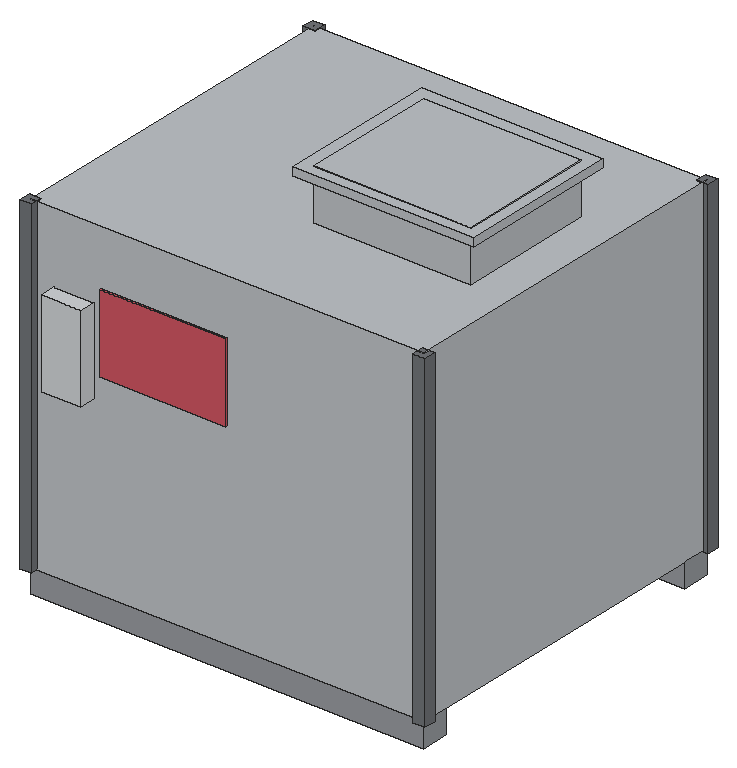
Revit family "CVC_Caisson-desenfumage_Aldes_Cyclone", category Equipement de génie climatique, Revit 2026
Family settings
  Cote de connecteur circulaire = Utiliser le diamètre
  Type d'élément = Normal
  Basée sur le plan de construction = Non
  Toujours verticalement = Oui
  Couper avec des vides une fois chargée = Non
  Conserver l'orientation des annotations = Non
  Partagée = Non
  Repère de localisation dans la pièce = Non
Parameters (values of type "Cyclone F400")
  Source = "CCTP lot 12 § 4.15"
  Modèle = "Cyclone"
  Fabricant = "Aldes"
  Elévation par défaut = 0 mm
  Description = "Caisson de désenfumage"
  Caractéristiques CCTP = "400 °C / 1 h (ou 2 h), centrifuge, certains à 2 vitesses"
  A vérifier = "Dimensions et débits à définir"
Reference planes
  plane 1 "Centre (avant/arrière)": y = 0
  plane 2: z = 0
  plane 3 "Centre (gauche/droite)": x = 0
Forms (mm)
  Extrusion 1, solid, material "EHPAD_acier"
    sketch origin (0, 0, 0) x (1, 0, 0) y (0, 1, 0)
      loop
        line (-500, -450) -> (500, -450) -> (500, -380) -> (-500, -380) -> (-500, -450)
    from 0 to 60
  Extrusion 2, solid, material "EHPAD_acier"
    sketch origin (0, 0, 0) x (1, 0, 0) y (0, 1, 0)
      loop
        line (-500, 380) -> (500, 380) -> (500, 450) -> (-500, 450) -> (-500, 380)
    from 0 to 60
  Extrusion 3, solid, material "EHPAD_galva"
    sketch origin (0, 0, 60) x (1, 0, 0) y (0, 1, 0)
      loop
        line (-500, -450) -> (500, -450) -> (500, 450) -> (-500, 450) -> (-500, -450)
    from 0 to 840
  Extrusion 4, solid, material "EHPAD_anthracite"
    sketch origin (0, 0, 60) x (1, 0, 0) y (0, 1, 0)
      loop
        line (-515, -465) -> (-485, -465) -> (-485, -435) -> (-515, -435) -> (-515, -465)
    from 0 to 840
  Extrusion 5, solid, material "EHPAD_anthracite"
    sketch origin (0, 0, 60) x (1, 0, 0) y (0, 1, 0)
      loop
        line (-515, 435) -> (-485, 435) -> (-485, 465) -> (-515, 465) -> (-515, 435)
    from 0 to 840
  Extrusion 6, solid, material "EHPAD_anthracite"
    sketch origin (0, 0, 60) x (1, 0, 0) y (0, 1, 0)
      loop
        line (485, -465) -> (515, -465) -> (515, -435) -> (485, -435) -> (485, -465)
    from 0 to 840
  Extrusion 7, solid, material "EHPAD_anthracite"
    sketch origin (0, 0, 60) x (1, 0, 0) y (0, 1, 0)
      loop
        line (485, 435) -> (515, 435) -> (515, 465) -> (485, 465) -> (485, 435)
    from 0 to 840
  Extrusion 8, solid, material "EHPAD_galva"
    sketch origin (-500, 0, 450) x (0, -1, 0) y (0, 0, 1)
      loop
        circle (0, 0) r 200
    from 0 to 130
  Extrusion 9, solid, material "EHPAD_galva"
    sketch origin (-552, 0, 450) x (0, -1, 0) y (0, 0, 1)
      loop
        circle (0, 0) r 206
    from 0 to 15
  Extrusion 10, solid, material "EHPAD_galva"
    sketch origin (200, 0, 900) x (1, 0, 0) y (0, 1, 0)
      loop
        line (-200, -175) -> (200, -175) -> (200, 175) -> (-200, 175) -> (-200, -175)
    from 0 to 130
  Extrusion 11, solid, material "EHPAD_galva"
    sketch origin (200, 0, 1010) x (1, 0, 0) y (0, 1, 0)
      loop
        line (-230, -205) -> (230, -205) -> (230, 205) -> (-230, 205) -> (-230, -205)
    from 0 to 20
  Extrusion 12, solid, material "EHPAD_anthracite"
    sketch origin (150, 450, 380) x (0, 0, 1) y (1, 0, 0)
      loop
        circle (0, 0) r 140
    from 0 to 230
  Extrusion 13, solid, material "EHPAD_noir"
    sketch origin (150, 680, 380) x (0, 0, 1) y (1, 0, 0)
      loop
        circle (0, 0) r 146
    from 0 to 40
  Extrusion 14, solid, material "EHPAD_rouge"
    sketch origin (0, 0, 560) x (1, 0, 0) y (0, 1, 0)
      loop
        line (-320, -456) -> (0, -456) -> (0, -450) -> (-320, -450) -> (-320, -456)
    from 0 to 200
  Extrusion 15, solid, material "EHPAD_gris"
    sketch origin (0, 0, 500) x (1, 0, 0) y (0, 1, 0)
      loop
        line (-440, -490) -> (-340, -490) -> (-340, -450) -> (-440, -450) -> (-440, -490)
    from 0 to 220
Dimensions and locks
  aligned and locked: level to plane 2
Connectors
  hvac at (-630, 0, 450)
    settings: on Extrusion 8, index 1, duct flow 0.0 L/s, flow factor 0, pres drop 0.0 Pa, loss coef 0, conn angle 0.00°, conn width 304.8 mm, conn height 304.8 mm, conn diameter 400 mm, duct sys type 3, conn prof type 0, flow config 0, flow direction 0, loss method 0, conn ref index -1, conn util no, is conn primary yes, conn desc "Aspiration désenfumage"
  hvac at (200, 0, 1030)
    settings: on Extrusion 10, index 2, duct flow 0.0 L/s, flow factor 0, pres drop 0.0 Pa, loss coef 0, conn angle 0.00°, conn width 400 mm, conn height 350 mm, conn diameter 609.6 mm, duct sys type 3, conn prof type 1, flow config 0, flow direction 0, loss method 0, conn ref index -1, conn util no, is conn primary no, conn desc "Rejet désenfumage"
